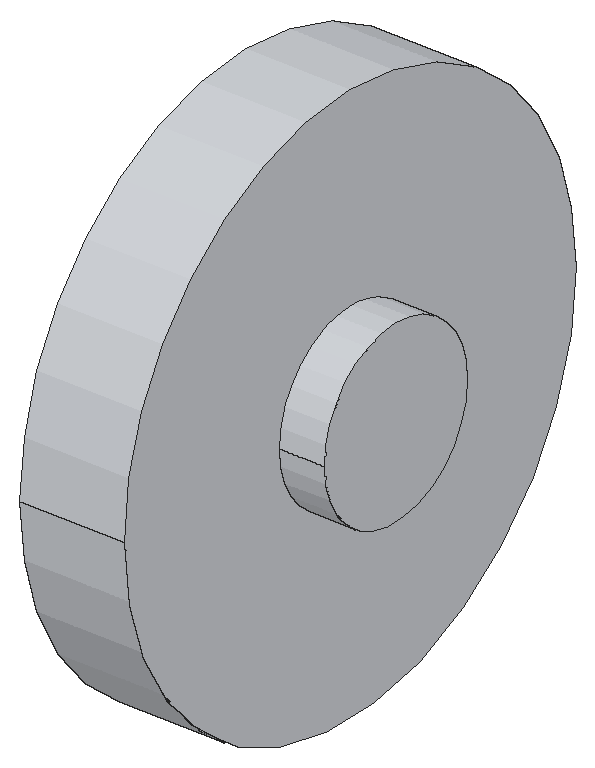
Revit family "M_Flange - Passagem - Aço - Classe 1500", category Conexões de tubo, Revit 2019
Family settings
  Cota do conector redondo = Usar raio
  Tipo de parte = Flange
  Número OmniClass = 23.60.30.11.14
  Título OmniClass = Pipework Fittings
  ID de item do Seek = Flange - Slip-on - Steel - Class 1500-0000-CAN-ENU
  Com base no plano de trabalho = Não
  Sempre na vertical = Sim
  Corte com vazios quando carregada = Não
  Compartilhado = Não
Parameters (values of type "Padrão")
  Tamanho da marca de revisão [instance] = Diâmetro externo da flange * 0.4  # 48 mm
  Espessura da face elevada [instance] = 6.35 mm  # constant formula
  Raio da face elevada [instance] = Diâmetro da face elevada / 2  # 17.45 mm
  Diâmetro da face elevada [instance] = size_lookup(Nome da tabela de pesquisa, "RFD", 1.11 * Diâmetro nominal + 34.727 mm, Diâmetro nominal)  # 34.9 mm
  Raio nominal [instance] = 7.5 mm
  Diâmetro nominal [instance] = Raio nominal * 2  # 15 mm
  Método de perda = Não definido
  Nome da tabela de pesquisa = "M_Flange - Slip-on - Steel - Class 1500"
  Comprimento pelo hub [instance] = size_lookup(Nome da tabela de pesquisa, "LTH", 0.64 * Diâmetro nominal + 22.225 mm, Diâmetro nominal)  # 32 mm
  Raio do hub [instance] = Diâmetro do hub / 2  # 19 mm
  Diâmetro do hub [instance] = size_lookup(Nome da tabela de pesquisa, "HDia", 1.26 * Diâmetro nominal + 33.933 mm, Diâmetro nominal)  # 38 mm
  Espessura do flange [instance] = size_lookup(Nome da tabela de pesquisa, "FThk", 0.38 * Diâmetro nominal + 17.562 mm, Diâmetro nominal)  # 22.3 mm
  Raio externo da flange [instance] = Diâmetro externo da flange / 2  # 60 mm
  Diâmetro externo da flange [instance] = size_lookup(Nome da tabela de pesquisa, "FOD", 1.77 * Diâmetro nominal + 119.856 mm, Diâmetro nominal)  # 120 mm
Reference planes
  plane 1 "Centro (Frente/Trás)": y = 0
  plane 2: z = 0
  plane 3 "Centro (Esquerda/Direita)": x = 0
  plane 4: x = 6.35
  plane 5: x = 28.65
  plane 6: x = 38.35
  plane 7: y = 48
  plane 8: y = -48
Forms (mm)
  Sweep 1, solid, detail levels fine
    path in 3D
      loop
        line (0, 0, 0) -> (6.35, 0, 0)
    profile origin (3.175, 0, 0) x (0, 1, 0) y (0, 0, 1)
      loop
        circle (0, 0) r 17.45
  Sweep 2, solid, detail levels fine
    path in 3D
      loop
        line (6.35, 0, 0) -> (28.65, 0, 0)
    profile origin (17.5, 0, 0) x (0, 1, 0) y (0, 0, 1)
      loop
        circle (0, 0) r 60
  Sweep 3, solid, detail levels fine
    path in 3D
      loop
        line (28.65, 0, 0) -> (38.35, 0, 0)
    profile origin (33.5, 0, 0) x (0, 1, 0) y (0, 0, 1)
      loop
        circle (0, 0) r 19
Cuts and joins
  joined: Sweep 1, Sweep 2, Sweep 3
Lines and regions (mm)
  model lines, detail levels coarse+medium
    curve 1: line (0, 0, 0) -> (6.35, 0, 0)
    curve 2: line (6.35, 0, 0) -> (28.65, 0, 0)
    curve 3: line (28.65, 0, 0) -> (38.35, 0, 0)
    curve 7: line (28.65, 48, 0) -> (28.65, -48, 0)
  sketch lines
    curve 4: line (0, 0, 0) -> (6.35, 0, 0)
    curve 5: line (6.35, 0, 0) -> (28.65, 0, 0)
    curve 6: line (28.65, 0, 0) -> (38.35, 0, 0)
Dimensions and locks
  "Espessura da face elevada": plane 3 "Centro (Esquerda/Direita)" to plane 4
  "Espessura do flange": plane 4 to plane 5
  "Comprimento pelo hub": plane 4 to plane 6
  equal spacing: plane 7, plane 1 "Centro (Frente/Trás)", plane 8
  "Tamanho da marca de revisão": plane 7 to plane 1 "Centro (Frente/Trás)"
  "Raio da face elevada": radius of Sweep 1 sketch curve
  "Raio externo da flange": radius of Sweep 2 sketch curve
  "Raio do hub": radius of Sweep 3 sketch curve
  aligned and locked: plane 3 "Centro (Esquerda/Direita)" to curve 1
  aligned and locked: plane 4 to curve 1
  aligned and locked: plane 1 "Centro (Frente/Trás)" to curve 1
  aligned and locked: plane 1 "Centro (Frente/Trás)" to curve 2
  aligned and locked: plane 5 to curve 3
  aligned and locked: plane 6 to curve 3
  aligned and locked: plane 1 "Centro (Frente/Trás)" to curve 3
  aligned and locked: plane 7 to curve 7
  aligned and locked: plane 8 to curve 7
  aligned and locked: curve 7 to plane 5
Automatic sketch dimensions
  Sweep 1 sketch curve to profile plane = 0 mm  (x2)
  Sweep 2 sketch curve to profile plane = 0 mm  (x2)
  Sweep 3 sketch curve to profile plane = 0 mm  (x2)
Connectors
  piping at (0, 0, 0), diameter 15, driven by "Raio nominal"
    settings: on cut or joined group of Sweep 1, Sweep 2, Sweep 3, index 1, connector inside diameter 15 mm, connector length 0 mm, flow factor 0, pipe flow 0.0 L/s, pressure drop 0.0 Pa, fitting loss kfactor 0, connector angle 0.00°, fixture units 0, engagement length 0 mm, angle of deflection 0.00°, flow configuration 0, flow direction 0, fitting loss method 0, system type 28, joint type 0, gender type 0, connector reference index 2, connector utility 0, adjustable connector no, is connector primary yes, connector description ""
  piping at (38.35, 0, 0), diameter 15, driven by "Raio nominal"
    settings: on cut or joined group of Sweep 1, Sweep 2, Sweep 3, index 2, connector inside diameter 15 mm, connector length 0 mm, flow factor 0, pipe flow 0.0 L/s, pressure drop 0.0 Pa, fitting loss kfactor 0, connector angle 0.00°, fixture units 0, engagement length 0 mm, angle of deflection 0.00°, flow configuration 0, flow direction 0, fitting loss method 0, system type 28, joint type 0, gender type 0, connector reference index 1, connector utility 0, adjustable connector no, is connector primary no, connector description ""
